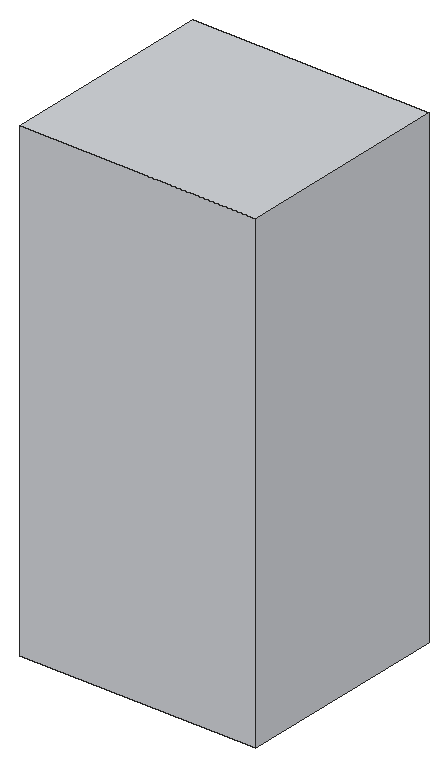
Revit family "7613 Serifos 2700K", category Lighting Fixtures, host Face, Revit 2018
Family settings
  Host = Face
  Round Connector Dimension = Use Diameter
  Part Type = Normal
  OmniClass Number = 23.80.70.00
  OmniClass Title = Lighting
  Cut with Voids When Loaded = No
  Light Source = Yes
  Shared = No
  Room Calculation Point = No
Parameters (values of type "7613 Serifos")
  Width = 110.00 mm
  Weight = "0.870 kg"
  Wattage Comments = "2x3w"
  Wattage = 6 W
  built-in parameter 1150110 = 1 (stored number, unit not read)
  Voltage = 230 V
  URL = "www.astrolighting.co.uk"
  Type Comments = "-Astro plaster and ceramic lights can be painted using a good quality emulsion paint. -Includes integral electronic driver"
  built-in parameter 1114217 = 1 (stored number, unit not read)
  Tilt Angle = 90.00°
  built-in parameter 1150109 = 1 (stored number, unit not read)
  built-in parameter 1150134 = (empty or 0)
  built-in parameter 1150113 = 1 (stored number, unit not read)
  Suitable for bathroom zone = "Zone 3"
  Product Documentation = "http://www.astrolighting.co.uk/products/kw/serifos/7375_Serifos-170"
  Photometric Web File = "GNC-19571  7613 - Serifos 170 LED 2700K ies.ies"
  Number of Poles = 1
  Mountable on normally flammable surfaces = "Yes"
  Model = "7375 Serifos"
  Manufacturer = "Astro Lighting Ltd, CM20 2DP"
  Lumens = 222 lm
  Luminaire Lamp Efficiency Rating = "A++"
  built-in parameter 1150115 = 1 (stored number, unit not read)
  built-in parameter 1150105 = 17.666 (stored number, unit not read)
  Light Source From Wall = 28.75 mm
  Light Source Elevation = 1600.00 mm
  built-in parameter 1150137 = (empty or 0)
  built-in parameter 1150139 = (empty or 0)
  Length = 55.00 mm
  built-in parameter 1150112 = 1 (stored number, unit not read)
  built-in parameter 1150114 = 1 (stored number, unit not read)
  Lamp included = "Yes"
  Lamp = "LED"
  built-in parameter 1150132 = (empty or 0)
  built-in parameter 1150102 = (empty or 0)
  built-in parameter 1150138 = (empty or 0)
  built-in parameter 1150107 = 2700 (stored number, unit not read)
  built-in parameter 1150106 = 0.17666 (stored number, unit not read)
  IP Rating = "IP20"
  Height = 170.00 mm
  Energy Efficiency Rating = "A++"
  built-in parameter 1150104 = 3.4374 (stored number, unit not read)
  Dimming Lamp Color Temperature Shift = <None>
  Dimmable = "No"
  Description = "Wall Light"
  Default Elevation [instance] = 1700.00 mm
  Color Filter = 16777215
  Class = 1
  Casing Material = Astro - Plaster - Natural
  built-in parameter 1114218 = 1 (stored number, unit not read)
  built-in parameter 1150133 = 10 (stored number, unit not read)
  Manufacturer Contact = "01279 427001"
  Assembly Code = "D5020200"
  Apparent Load = 12.7 VA
Reference planes
  plane 1: y = -75
  plane 2 "Light Source Axis (L/R)": x = 125
  plane 3 "Light Source Axis (F/R)": y = 28.75
  plane 4 "Light Source Elevation": z = 1600
  plane 5: y = -150
  plane 6 "Center (Elevation)": z = 1600
  plane 7: z = 0
  plane 8 "Top": z = 1685
  plane 9 "Bottom": z = 1515
  plane 10 "Left": x = 180
  plane 11 "Right": x = 70
  plane 12 "Front": y = 55
  plane 13: y = 0
  plane 14: z = 1672.5
  plane 15: z = 1527.5
  plane 16: z = 1535
  plane 17: z = 1665
Forms (mm)
  Extrusion 1, solid
    sketch origin (140, -150, 1500) x (0, 0, 1) y (1, 0, 0)
      loop
        line (-70.226, -96.25) -> (260, -96.25) -> (260, 68.223) -> (-70.226, 68.223) -> (-70.226, -96.25)
    from 0 to 150
  Extrusion 2, solid, material "Astro - Plaster - Natural" <- "Casing Material"
    sketch origin (1573.638, 225, 1600) x (1, 0, 0) y (0, 1, 0)
      loop
        line (-1503.638, -225) -> (-1495.638, -225)
        arc (-1495.638, -225) -> (-1448.638, -178) -> (-1401.638, -225) r 47
        line (-1401.638, -225) -> (-1393.638, -225)
        arc (-1393.638, -225) -> (-1448.638, -170) -> (-1503.638, -225) r 55
    from -85 to 85
  Extrusion 3, solid, material "Astro - Plaster - Natural" <- "Casing Material"
    sketch origin (1573.638, 225, 1600) x (1, 0, 0) y (0, 1, 0)
      loop
        line (-1473.638, -225) -> (-1473.638, -176.01)
        arc (-1473.638, -176.01) -> (-1495.542, -196.277) -> (-1503.638, -225) r 55
        line (-1503.638, -225) -> (-1473.638, -225)
      loop
        line (-1423.638, -176.01) -> (-1423.638, -225) -> (-1393.638, -225)
        arc (-1393.638, -225) -> (-1401.734, -196.277) -> (-1423.638, -176.01) r 55
    from -72.5 to -65
  Extrusion 4, solid, material "Astro - Plaster - Natural" <- "Casing Material"
    sketch origin (1573.638, 225, 1600) x (1, 0, 0) y (0, 1, 0)
      loop
        line (-1473.638, -225) -> (-1473.638, -176.01)
        arc (-1473.638, -176.01) -> (-1495.542, -196.277) -> (-1503.638, -225) r 55
        line (-1503.638, -225) -> (-1473.638, -225)
      loop
        line (-1423.638, -176.01) -> (-1423.638, -225) -> (-1393.638, -225)
        arc (-1393.638, -225) -> (-1401.734, -196.277) -> (-1423.638, -176.01) r 55
    from 65 to 72.5
  Extrusion 5, solid, material "Astro - Aluminium - Anodised"
    sketch origin (1573.638, 225, 1600) x (1, 0, 0) y (0, 1, 0)
      loop
        line (-1495.638, -225) -> (-1401.638, -225)
        arc (-1401.638, -225) -> (-1448.638, -178) -> (-1495.638, -225) r 47
    from -65 to 65
  Extrusion 6, void
    sketch origin (1573.638, 225, 1600) x (0, 1, 0) y (1, 0, 0)
      loop
        line (-206.35, -1473.638) -> (-170, -1473.638) -> (-170, -1423.638) -> (-206.35, -1423.638) -> (-206.35, -1473.638)
    from -72.5 to 72.5
  Extrusion 7, void
    sketch origin (1573.638, 225, 1600) x (0, 1, 0) y (1, 0, 0)
      loop
        line (-225, -1473.638) -> (-196.25, -1473.638) -> (-196.25, -1423.638) -> (-225, -1423.638) -> (-225, -1473.638)
    from 55 to 85
  Extrusion 8, void
    sketch origin (1573.638, 225, 1600) x (0, 1, 0) y (1, 0, 0)
      loop
        line (-225, -1473.638) -> (-196.25, -1473.638) -> (-196.25, -1423.638) -> (-225, -1423.638) -> (-225, -1473.638)
    from -85 to -55
  Extrusion 9, solid, material "Astro - Glass - Clear"
    sketch origin (1573.638, 225, 1600) x (1, 0, 0) y (0, 1, 0)
      loop
        line (-1473.638, -185.201) -> (-1473.638, -225) -> (-1423.638, -225) -> (-1423.638, -185.201)
        arc (-1423.638, -185.201) -> (-1448.638, -178) -> (-1473.638, -185.201) r 47
    from -65 to -63
  Extrusion 10, solid, material "Astro - Glass - Clear"
    sketch origin (1573.638, 225, 1600) x (1, 0, 0) y (0, 1, 0)
      loop
        line (-1473.638, -185.201) -> (-1473.638, -225) -> (-1423.638, -225) -> (-1423.638, -185.201)
        arc (-1423.638, -185.201) -> (-1448.638, -178) -> (-1473.638, -185.201) r 47
    from 63 to 65
Cuts and joins
  Extrusion 6 cuts Extrusion 3
  Extrusion 6 cuts Extrusion 4
  joined: Extrusion 2, Extrusion 3, Extrusion 4
  Extrusion 6, Extrusion 7, Extrusion 8 cuts Extrusion 5
Text (mm)
  text "Placement side" at (-1787.139, 1116.779, 0), in view "Ref. Level"
  text "Placement side" at (0, 2110.396, 2986.058), in view "Left"
  text "Placement side" at (0, 628.478, 3011.967), in view "Right"
Dimensions and locks
  equal spacing: plane 9 "Bottom", plane 6 "Center (Elevation)", plane 8 "Top"
  "Height": plane 9 "Bottom" to plane 8 "Top"
  equal spacing: plane 11 "Right", plane 2 "Light Source Axis (L/R)", plane 10 "Left"
  "Width": plane 11 "Right" to plane 10 "Left"
  locked: plane 1 to plane 13 at 75
  "Length": plane 12 "Front" to plane 13
  "Light Source From Wall": plane 3 "Light Source Axis (F/R)" to plane 13
  "Light Source Elevation": plane 7 to plane 4 "Light Source Elevation"
  locked: Extrusion 3 sketch curve to Extrusion 3 sketch curve at 50
  equal spacing: Extrusion 3 sketch curve, plane 2 "Light Source Axis (L/R)", Extrusion 3 sketch curve
  locked: plane 16 to plane 17 at 130
  equal spacing: plane 16, plane 6 "Center (Elevation)", plane 17
  locked: plane 17 to plane 14 at 7.5
  locked: plane 15 to plane 16 at 7.5
  locked: Extrusion 4 sketch curve to Extrusion 4 sketch curve at 50
  Extrusion 4 sketch curve to Extrusion 4 sketch curve = 50.00 mm
  locked: cut or joined group of Extrusion 5, Extrusion 6, Extrusion 7, Extrusion 8 to plane 17 at 10
  locked: plane 16 to Extrusion 7 at 10
  level to Extrusion 1 = 1760.00 mm
  aligned and locked: plane 4 "Light Source Elevation" to imposter light
  aligned and locked: plane 13 to Extrusion 2 sketch curve  (x4)
  aligned and locked: plane 2 "Light Source Axis (L/R)" to Extrusion 2 sketch curve  (x2)
  aligned and locked: Extrusion 3 sketch curve to Extrusion 2  (x2)
  aligned and locked: plane 10 "Left" to Extrusion 3 sketch curve
  aligned and locked: Extrusion 3 sketch curve to plane 13
  aligned and locked: Extrusion 2 to plane 9 "Bottom"
  aligned and locked: plane 8 "Top" to Extrusion 2
  aligned and locked: plane 15 to Extrusion 3
  aligned and locked: plane 16 to Extrusion 3
  aligned and locked: plane 14 to Extrusion 4
  aligned and locked: plane 17 to Extrusion 4
  aligned and locked: cut or joined group of Extrusion 2, Extrusion 3, Extrusion 4, Extrusion 6 to Extrusion 5 sketch curve
  aligned and locked: Extrusion 5 to plane 16
  aligned and locked: Extrusion 5 to plane 17
  aligned and locked: imposter light to plane 2 "Light Source Axis (L/R)"
  aligned and locked: plane 12 "Front" to Extrusion 6 sketch curve
  aligned and locked: Extrusion 6 sketch curve to cut or joined group of Extrusion 2, Extrusion 3, Extrusion 4, Extrusion 6  (x2)
  aligned and locked: plane 14 to Extrusion 6
  aligned and locked: Extrusion 3 to Extrusion 6
  aligned and locked: Extrusion 7 sketch curve to cut or joined group of Extrusion 2, Extrusion 3, Extrusion 4, Extrusion 6  (x2)
  aligned and locked: cut or joined group of Extrusion 2, Extrusion 3, Extrusion 4, Extrusion 6 to Extrusion 7 sketch curve
  aligned and locked: Extrusion 7 sketch curve to plane 3 "Light Source Axis (F/R)"
  aligned and locked: Extrusion 7 to plane 9 "Bottom"
  aligned and locked: plane 8 "Top" to Extrusion 8
  aligned and locked: Extrusion 9 sketch curve to cut or joined group of Extrusion 2, Extrusion 3, Extrusion 4, Extrusion 6  (x3)
  aligned and locked: plane 13 to Extrusion 9 sketch curve
  aligned and locked: Extrusion 9 to plane 16
  aligned and locked: Extrusion 10 sketch curve to cut or joined group of Extrusion 2, Extrusion 3, Extrusion 4, Extrusion 6  (x3)
  aligned and locked: plane 13 to Extrusion 10 sketch curve
Automatic sketch dimensions
  Extrusion 1 sketch curve to Extrusion 1 sketch curve = 330.226 mm
  Extrusion 1 sketch curve to Extrusion 1 sketch curve = 164.473 mm
  Extrusion 2 sketch curve to plane 11 "Right" = 0.00 mm
  Extrusion 2 sketch curve to Extrusion 2 sketch curve = 8.00 mm
  Extrusion 3 sketch curve to Extrusion 3 sketch curve = 0.00 mm
  Extrusion 3 sketch curve to plane 2 "Light Source Axis (L/R)" = 0.00 mm
  Extrusion 4 sketch curve to Extrusion 4 sketch curve = 0.00 mm  (x2)
  Extrusion 4 sketch curve to plane 11 "Right" = 0.00 mm
  Extrusion 4 sketch curve to plane 13 = 0.00 mm
  Extrusion 4 sketch curve to plane 2 "Light Source Axis (L/R)" = 0.00 mm
  Extrusion 4 sketch curve to plane 10 "Left" = 0.00 mm
  Extrusion 4 sketch curve to plane 2 "Light Source Axis (L/R)" = 25.00 mm
  Extrusion 5 sketch curve to plane 2 "Light Source Axis (L/R)" = 0.00 mm
  Extrusion 5 sketch curve to plane 11 "Right" = 8.00 mm
  plane 3 "Light Source Axis (F/R)" to Extrusion 6 sketch curve = 10.10 mm
  Extrusion 8 sketch curve to plane 13 = 0.00 mm
  plane 3 "Light Source Axis (F/R)" to Extrusion 8 sketch curve = 0.00 mm
  plane 2 "Light Source Axis (L/R)" to Extrusion 8 sketch curve = 25.00 mm
  Extrusion 8 sketch curve to plane 2 "Light Source Axis (L/R)" = 25.00 mm
Connectors
  electrical at (125, 0, 1600), driven by "Number of Poles", driven by "Voltage", driven by "Apparent Load"
    settings: on cut or joined group of Extrusion 5, Extrusion 6, Extrusion 7, Extrusion 8, index 1, voltage 230 V, apparent load 0 VA, apparent load phase1 12.7 VA, apparent load phase2 0 VA, apparent load phase3 0 VA, power factor 1, load classification "Other", number of poles 1, system type 31, power factor state 1, is connector primary yes, connector utility no, sub classification motor no, connector description ""
